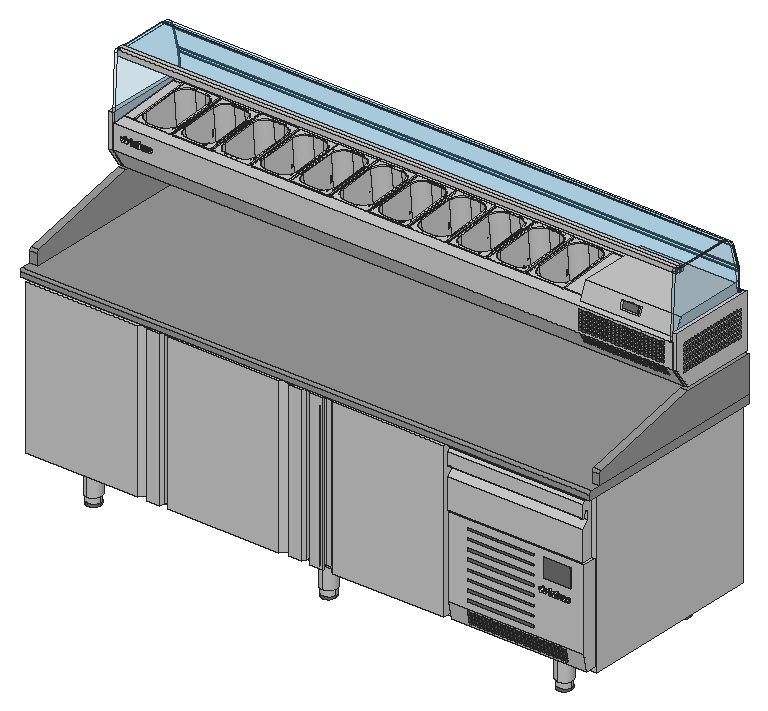
Revit family "QF_INFRICO_MP2300_VIP2300B14_G_250813011618", category Specialty Equipment, Revit 2021 (continued)
Definition of nested family "QF_INFRICO_VIP2300B14_G_7212"
  Forms (mm)
    Extrusion 5, solid, visible <- "Show Logo"
      sketch origin (-1114.206, -353, -563.417) x (1, 0, 0) y (0, 0, 1)
        loop
          arc (1219.417, 709.324) -> (1220.929, 708.961) -> (1221.598, 707.557) r 1.806
          line (1221.598, 707.557) -> (1221.598, 696.53) -> (1226.121, 696.53) -> (1226.121, 708.689)
          arc (1226.121, 708.689) -> (1224.637, 712.075) -> (1221.141, 713.281) r 4.607
          arc (1221.141, 713.281) -> (1218.282, 712.674) -> (1215.669, 711.361) r 11.435
          line (1215.669, 711.361) -> (1215.601, 712.184)
          arc (1215.601, 712.184) -> (1215.36, 712.765) -> (1214.779, 713.006) r 0.822
        loop
          line (1238.557, 720.102) -> (1237.306, 720.102)
          arc (1237.306, 720.102) -> (1235.052, 719.926) -> (1232.881, 719.297) r 11.103
          arc (1232.881, 719.297) -> (1230.805, 717.616) -> (1230.024, 715.062) r 4.567
          line (1230.024, 715.062) -> (1230.024, 712.909) -> (1227.351, 712.703) -> (1227.351, 709.374) -> (1230.024, 709.374) -> (1230.024, 696.53) -> (1234.547, 696.53) -> (1234.547, 709.374) -> (1238.249, 709.374) -> (1238.249, 712.938) -> (1234.547, 712.938) -> (1234.547, 714.548)
          arc (1234.547, 714.548) -> (1234.956, 715.705) -> (1236.045, 716.271) r 1.67
          line (1236.045, 716.271) -> (1237.7, 716.399)
          arc (1237.7, 716.399) -> (1238.306, 716.65) -> (1238.557, 717.255) r 0.857
          line (1238.557, 717.255) -> (1238.557, 720.102)
        loop
          line (1239.479, 713.006) -> (1239.479, 696.53) -> (1243.968, 696.53) -> (1243.968, 707.352)
          arc (1243.968, 707.352) -> (1245.873, 708.631) -> (1248.077, 709.268) r 7.435
          line (1248.077, 709.268) -> (1249.241, 709.416)
          arc (1249.241, 709.416) -> (1249.643, 709.758) -> (1249.793, 710.265) r 0.928
          line (1249.793, 710.265) -> (1249.793, 712.458)
          arc (1249.793, 712.458) -> (1249.531, 713.061) -> (1248.912, 713.28) r 0.824
          arc (1248.912, 713.28) -> (1246.197, 712.588) -> (1243.899, 710.984) r 7.833
          line (1243.899, 710.984) -> (1243.726, 713.006) -> (1239.479, 713.006)
        loop
          line (1255.495, 696.53) -> (1255.495, 713.006) -> (1251.006, 713.006) -> (1251.006, 696.53) -> (1255.495, 696.53)
        loop
          arc (1257.421, 701.327) -> (1258.567, 698.188) -> (1261.466, 696.525) r 4.873
          arc (1261.466, 696.525) -> (1264.493, 696.266) -> (1267.521, 696.525) r 17.816
          arc (1267.521, 696.525) -> (1270.575, 699.134) -> (1271.505, 703.041) r 6.481
          line (1271.505, 703.041) -> (1267.187, 703.041) -> (1267.187, 701.67)
          arc (1267.187, 701.67) -> (1266.64, 700.452) -> (1265.442, 699.865) r 1.965
          arc (1265.442, 699.865) -> (1264.547, 699.816) -> (1263.653, 699.865) r 8.196
          arc (1263.653, 699.865) -> (1262.417, 700.415) -> (1261.91, 701.67) r 1.806
          line (1261.91, 701.67) -> (1261.91, 707.9)
          arc (1261.91, 707.9) -> (1262.417, 709.155) -> (1263.653, 709.705) r 1.806
          arc (1263.653, 709.705) -> (1264.547, 709.754) -> (1265.442, 709.705) r 8.196
          arc (1265.442, 709.705) -> (1266.64, 709.118) -> (1267.187, 707.9) r 1.965
          line (1267.187, 707.9) -> (1267.187, 706.838) -> (1271.505, 706.838)
          arc (1271.505, 706.838) -> (1270.524, 710.556) -> (1267.521, 712.959) r 6.132
          arc (1267.521, 712.959) -> (1264.493, 713.294) -> (1261.466, 712.959) r 13.851
          arc (1261.466, 712.959) -> (1258.571, 711.349) -> (1257.421, 708.243) r 4.772
          line (1257.421, 708.243) -> (1257.421, 701.327)
        loop
          arc (1272.916, 701.329) -> (1273.993, 698.345) -> (1276.726, 696.734) r 4.676
          arc (1276.726, 696.734) -> (1278.515, 696.455) -> (1280.318, 696.291) r 28.371
          arc (1280.318, 696.291) -> (1282.122, 696.455) -> (1283.911, 696.734) r 28.371
          arc (1283.911, 696.734) -> (1286.644, 698.345) -> (1287.72, 701.329) r 4.676
          line (1287.72, 701.329) -> (1287.72, 708.242)
          arc (1287.72, 708.242) -> (1286.644, 711.226) -> (1283.911, 712.837) r 4.676
          arc (1283.911, 712.837) -> (1282.122, 713.116) -> (1280.318, 713.28) r 28.371
          arc (1280.318, 713.28) -> (1278.515, 713.116) -> (1276.726, 712.837) r 28.371
          arc (1276.726, 712.837) -> (1273.993, 711.226) -> (1272.916, 708.242) r 4.676
          line (1272.916, 708.242) -> (1272.916, 701.329)
        loop
          line (1277.405, 707.866) -> (1277.405, 701.705)
          arc (1277.405, 701.705) -> (1277.844, 700.556) -> (1278.936, 699.991) r 1.725
          arc (1278.936, 699.991) -> (1279.627, 699.918) -> (1280.318, 699.856) r 46.133
          arc (1280.318, 699.856) -> (1281.01, 699.918) -> (1281.701, 699.991) r 46.133
          arc (1281.701, 699.991) -> (1282.793, 700.556) -> (1283.231, 701.705) r 1.725
          line (1283.231, 701.705) -> (1283.231, 707.866)
          arc (1283.231, 707.866) -> (1282.793, 709.015) -> (1281.701, 709.58) r 1.725
          arc (1281.701, 709.58) -> (1281.01, 709.653) -> (1280.318, 709.716) r 46.133
          arc (1280.318, 709.716) -> (1279.627, 709.653) -> (1278.936, 709.58) r 46.133
          arc (1278.936, 709.58) -> (1277.844, 709.015) -> (1277.405, 707.866) r 1.725
        loop
          arc (1190.339, 696.543) -> (1191.411, 696.987) -> (1191.856, 698.059) r 1.516
          line (1191.856, 698.059) -> (1191.856, 703.891) -> (1196.035, 703.891)
          arc (1196.035, 703.891) -> (1196.79, 704.121) -> (1197.218, 704.782) r 1.147
          line (1197.218, 704.782) -> (1197.218, 706.211)
          arc (1197.218, 706.211) -> (1196.787, 707.258) -> (1195.719, 707.634) r 1.385
          line (1195.719, 707.634) -> (1194.52, 707.634) -> (1197.218, 710.332)
          arc (1197.218, 710.332) -> (1197.605, 711.266) -> (1197.218, 712.2) r 1.321
          line (1197.218, 712.2) -> (1196.495, 712.923)
          arc (1196.495, 712.923) -> (1195.54, 713.338) -> (1194.558, 712.991) r 1.422
          line (1194.558, 712.991) -> (1191.853, 710.286) -> (1191.853, 711.479)
          arc (1191.853, 711.479) -> (1191.443, 712.516) -> (1190.435, 712.992) r 1.516
          line (1190.435, 712.992) -> (1189.514, 712.992)
          arc (1189.514, 712.992) -> (1188.511, 712.514) -> (1188.103, 711.479) r 1.516
          line (1188.103, 711.479) -> (1188.103, 706.83) -> (1182.073, 701.336) -> (1182.073, 707.509) -> (1185.639, 711.075)
          arc (1185.639, 711.075) -> (1186.053, 712.073) -> (1185.639, 713.071) r 1.412
          line (1185.639, 713.071) -> (1184.987, 713.723)
          arc (1184.987, 713.723) -> (1183.939, 714.141) -> (1182.915, 713.667) r 1.428
          line (1182.915, 713.667) -> (1182.073, 712.825) -> (1182.073, 717.784)
          arc (1182.073, 717.784) -> (1181.658, 718.787) -> (1180.655, 719.203) r 1.418
          line (1180.655, 719.203) -> (1179.726, 719.203)
          arc (1179.726, 719.203) -> (1178.723, 718.787) -> (1178.308, 717.784) r 1.418
          line (1178.308, 717.784) -> (1178.308, 712.825) -> (1177.466, 713.667)
          arc (1177.466, 713.667) -> (1176.442, 714.141) -> (1175.394, 713.723) r 1.428
          line (1175.394, 713.723) -> (1174.742, 713.071)
          arc (1174.742, 713.071) -> (1174.328, 712.073) -> (1174.742, 711.075) r 1.412
          line (1174.742, 711.075) -> (1178.308, 707.509) -> (1178.308, 701.336) -> (1172.278, 706.83) -> (1172.278, 711.479)
          arc (1172.278, 711.479) -> (1171.87, 712.514) -> (1170.867, 712.992) r 1.516
          line (1170.867, 712.992) -> (1169.946, 712.992)
          arc (1169.946, 712.992) -> (1168.938, 712.516) -> (1168.528, 711.479) r 1.516
          line (1168.528, 711.479) -> (1168.528, 710.286) -> (1165.823, 712.991)
          arc (1165.823, 712.991) -> (1164.841, 713.338) -> (1163.886, 712.923) r 1.422
          line (1163.886, 712.923) -> (1163.163, 712.2)
          arc (1163.163, 712.2) -> (1162.776, 711.266) -> (1163.163, 710.332) r 1.321
          line (1163.163, 710.332) -> (1165.861, 707.634) -> (1164.662, 707.634)
          arc (1164.662, 707.634) -> (1163.594, 707.258) -> (1163.163, 706.211) r 1.385
          line (1163.163, 706.211) -> (1163.163, 704.782)
          arc (1163.163, 704.782) -> (1163.591, 704.121) -> (1164.346, 703.891) r 1.147
          line (1164.346, 703.891) -> (1168.525, 703.891) -> (1168.525, 698.059)
          arc (1168.525, 698.059) -> (1168.969, 696.987) -> (1170.042, 696.543) r 1.516
          line (1170.042, 696.543) -> (1190.339, 696.543)
      from 0 to 2
    Sweep 6, solid
      path origin (-4.167, 245.887, 345.752) x (1, 0, 0) y (0, 0.996195, 0.087156)
        loop
          arc (117.472, -326.858) -> (91.309, -337.695) -> (80.472, -363.858) r 37
          line (80.472, -363.858) -> (80.472, -504.858)
          arc (80.472, -504.858) -> (91.309, -531.021) -> (117.472, -541.858) r 37
          line (117.472, -541.858) -> (158.472, -541.858)
          arc (158.472, -541.858) -> (184.635, -531.021) -> (195.472, -504.858) r 37
          line (195.472, -504.858) -> (195.472, -363.858)
          arc (195.472, -363.858) -> (184.635, -337.695) -> (158.472, -326.858) r 37
          line (158.472, -326.858) -> (117.472, -326.858)
      profile origin (133.805, -79.727, 317.264) x (0, 0.996195, 0.087156) y (0, -0.087156, 0.996195)
        loop
          arc (1, -252.7) -> (8.779, -249.478) -> (12.001, -241.699) r 11.001
          line (12.001, -241.699) -> (12.001, -105.504) -> (10.001, -105.504) -> (10.001, -241.699)
          arc (10.001, -241.699) -> (7.365, -248.064) -> (1, -250.7) r 9.001
          line (1, -250.7) -> (1, -252.7)
    Extrusion 7, solid
      sketch origin (-4.167, 267.911, 94.014) x (1, 0, 0) y (0, 0.996195, 0.087156)
        loop
          arc (117.472, -325.858) -> (90.602, -336.988) -> (79.472, -363.858) r 38
          line (79.472, -363.858) -> (79.472, -504.858)
          arc (79.472, -504.858) -> (90.602, -531.728) -> (117.472, -542.858) r 38
          line (117.472, -542.858) -> (158.472, -542.858)
          arc (158.472, -542.858) -> (185.342, -531.728) -> (196.472, -504.858) r 38
          line (196.472, -504.858) -> (196.472, -363.858)
          arc (196.472, -363.858) -> (185.342, -336.988) -> (158.472, -325.858) r 38
          line (158.472, -325.858) -> (117.472, -325.858)
      from 0 to 2
    Extrusion 8, solid
      sketch origin (-1321.137, -3221.673, -63.528) x (1, 0, 0) y (0, 0.996195, 0.087156)
        loop
          arc (1382.943, 3181.245) -> (1380.444, 3180.21) -> (1379.409, 3177.711) r 3.534
          line (1379.409, 3177.711) -> (1379.409, 2933.71)
          arc (1379.409, 2933.71) -> (1380.444, 2931.212) -> (1382.942, 2930.177) r 3.532
          line (1382.942, 2930.177) -> (1526.942, 2930.177)
          arc (1526.942, 2930.177) -> (1529.44, 2931.213) -> (1530.475, 2933.711) r 3.534
          line (1530.475, 2933.711) -> (1530.475, 3177.711)
          arc (1530.475, 3177.711) -> (1529.44, 3180.21) -> (1526.941, 3181.245) r 3.535
          line (1526.941, 3181.245) -> (1382.943, 3181.245)
        loop
          arc (1434.442, 3173.179) -> (1401.207, 3159.413) -> (1387.441, 3126.178) r 47.001
          line (1387.441, 3126.178) -> (1387.441, 2985.178)
          arc (1387.441, 2985.178) -> (1401.207, 2951.944) -> (1434.442, 2938.177) r 47.001
          line (1434.442, 2938.177) -> (1475.442, 2938.177)
          arc (1475.442, 2938.177) -> (1508.676, 2951.944) -> (1522.442, 2985.178) r 47.001
          line (1522.442, 2985.178) -> (1522.442, 3126.178)
          arc (1522.442, 3126.178) -> (1508.676, 3159.413) -> (1475.442, 3173.179) r 47.001
          line (1475.442, 3173.179) -> (1434.442, 3173.179)
      from 0 to 2
    Sweep 9, solid
      path origin (154.899, 245.887, 345.752) x (1, 0, 0) y (0, 0.996195, 0.087156)
        loop
          arc (117.472, -326.858) -> (91.309, -337.695) -> (80.472, -363.858) r 37
          line (80.472, -363.858) -> (80.472, -504.858)
          arc (80.472, -504.858) -> (91.309, -531.021) -> (117.472, -541.858) r 37
          line (117.472, -541.858) -> (158.472, -541.858)
          arc (158.472, -541.858) -> (184.635, -531.021) -> (195.472, -504.858) r 37
          line (195.472, -504.858) -> (195.472, -363.858)
          arc (195.472, -363.858) -> (184.635, -337.695) -> (158.472, -326.858) r 37
          line (158.472, -326.858) -> (117.472, -326.858)
      profile origin (292.871, -79.727, 317.264) x (0, 0.996195, 0.087156) y (0, -0.087156, 0.996195)
        loop
          arc (1, -252.7) -> (8.779, -249.478) -> (12.001, -241.699) r 11.001
          line (12.001, -241.699) -> (12.001, -105.504) -> (10.001, -105.504) -> (10.001, -241.699)
          arc (10.001, -241.699) -> (7.365, -248.064) -> (1, -250.7) r 9.001
          line (1, -250.7) -> (1, -252.7)
    Extrusion 10, solid
      sketch origin (154.899, 267.911, 94.014) x (1, 0, 0) y (0, 0.996195, 0.087156)
        loop
          arc (117.472, -325.858) -> (90.602, -336.988) -> (79.472, -363.858) r 38
          line (79.472, -363.858) -> (79.472, -504.858)
          arc (79.472, -504.858) -> (90.602, -531.728) -> (117.472, -542.858) r 38
          line (117.472, -542.858) -> (158.472, -542.858)
          arc (158.472, -542.858) -> (185.342, -531.728) -> (196.472, -504.858) r 38
          line (196.472, -504.858) -> (196.472, -363.858)
          arc (196.472, -363.858) -> (185.342, -336.988) -> (158.472, -325.858) r 38
          line (158.472, -325.858) -> (117.472, -325.858)
      from 0 to 2
    Extrusion 11, solid
      sketch origin (-1162.071, -3221.673, -63.528) x (1, 0, 0) y (0, 0.996195, 0.087156)
        loop
          arc (1382.943, 3181.245) -> (1380.444, 3180.21) -> (1379.409, 3177.711) r 3.534
          line (1379.409, 3177.711) -> (1379.409, 2933.71)
          arc (1379.409, 2933.71) -> (1380.444, 2931.212) -> (1382.942, 2930.177) r 3.532
          line (1382.942, 2930.177) -> (1526.942, 2930.177)
          arc (1526.942, 2930.177) -> (1529.44, 2931.213) -> (1530.475, 2933.711) r 3.534
          line (1530.475, 2933.711) -> (1530.475, 3177.711)
          arc (1530.475, 3177.711) -> (1529.44, 3180.21) -> (1526.941, 3181.245) r 3.535
          line (1526.941, 3181.245) -> (1382.943, 3181.245)
        loop
          arc (1434.442, 3173.179) -> (1401.207, 3159.413) -> (1387.441, 3126.178) r 47.001
          line (1387.441, 3126.178) -> (1387.441, 2985.178)
          arc (1387.441, 2985.178) -> (1401.207, 2951.944) -> (1434.442, 2938.177) r 47.001
          line (1434.442, 2938.177) -> (1475.442, 2938.177)
          arc (1475.442, 2938.177) -> (1508.676, 2951.944) -> (1522.442, 2985.178) r 47.001
          line (1522.442, 2985.178) -> (1522.442, 3126.178)
          arc (1522.442, 3126.178) -> (1508.676, 3159.413) -> (1475.442, 3173.179) r 47.001
          line (1475.442, 3173.179) -> (1434.442, 3173.179)
      from 0 to 2
    Sweep 12, solid
      path origin (313.965, 245.887, 345.752) x (1, 0, 0) y (0, 0.996195, 0.087156)
        loop
          arc (117.472, -326.858) -> (91.309, -337.695) -> (80.472, -363.858) r 37
          line (80.472, -363.858) -> (80.472, -504.858)
          arc (80.472, -504.858) -> (91.309, -531.021) -> (117.472, -541.858) r 37
          line (117.472, -541.858) -> (158.472, -541.858)
          arc (158.472, -541.858) -> (184.635, -531.021) -> (195.472, -504.858) r 37
          line (195.472, -504.858) -> (195.472, -363.858)
          arc (195.472, -363.858) -> (184.635, -337.695) -> (158.472, -326.858) r 37
          line (158.472, -326.858) -> (117.472, -326.858)
      profile origin (451.937, -79.727, 317.264) x (0, 0.996195, 0.087156) y (0, -0.087156, 0.996195)
        loop
          arc (1, -252.7) -> (8.779, -249.478) -> (12.001, -241.699) r 11.001
          line (12.001, -241.699) -> (12.001, -105.504) -> (10.001, -105.504) -> (10.001, -241.699)
          arc (10.001, -241.699) -> (7.365, -248.064) -> (1, -250.7) r 9.001
          line (1, -250.7) -> (1, -252.7)
    Extrusion 13, solid
      sketch origin (313.965, 267.911, 94.014) x (1, 0, 0) y (0, 0.996195, 0.087156)
        loop
          arc (117.472, -325.858) -> (90.602, -336.988) -> (79.472, -363.858) r 38
          line (79.472, -363.858) -> (79.472, -504.858)
          arc (79.472, -504.858) -> (90.602, -531.728) -> (117.472, -542.858) r 38
          line (117.472, -542.858) -> (158.472, -542.858)
          arc (158.472, -542.858) -> (185.342, -531.728) -> (196.472, -504.858) r 38
          line (196.472, -504.858) -> (196.472, -363.858)
          arc (196.472, -363.858) -> (185.342, -336.988) -> (158.472, -325.858) r 38
          line (158.472, -325.858) -> (117.472, -325.858)
      from 0 to 2
    Extrusion 14, solid
      sketch origin (-1003.004, -3221.673, -63.528) x (1, 0, 0) y (0, 0.996195, 0.087156)
        loop
          arc (1382.943, 3181.245) -> (1380.444, 3180.21) -> (1379.409, 3177.711) r 3.534
          line (1379.409, 3177.711) -> (1379.409, 2933.71)
          arc (1379.409, 2933.71) -> (1380.444, 2931.212) -> (1382.942, 2930.177) r 3.532
          line (1382.942, 2930.177) -> (1526.942, 2930.177)
          arc (1526.942, 2930.177) -> (1529.44, 2931.213) -> (1530.475, 2933.711) r 3.534
          line (1530.475, 2933.711) -> (1530.475, 3177.711)
          arc (1530.475, 3177.711) -> (1529.44, 3180.21) -> (1526.941, 3181.245) r 3.535
          line (1526.941, 3181.245) -> (1382.943, 3181.245)
        loop
          arc (1434.442, 3173.179) -> (1401.207, 3159.413) -> (1387.441, 3126.178) r 47.001
          line (1387.441, 3126.178) -> (1387.441, 2985.178)
          arc (1387.441, 2985.178) -> (1401.207, 2951.944) -> (1434.442, 2938.177) r 47.001
          line (1434.442, 2938.177) -> (1475.442, 2938.177)
          arc (1475.442, 2938.177) -> (1508.676, 2951.944) -> (1522.442, 2985.178) r 47.001
          line (1522.442, 2985.178) -> (1522.442, 3126.178)
          arc (1522.442, 3126.178) -> (1508.676, 3159.413) -> (1475.442, 3173.179) r 47.001
          line (1475.442, 3173.179) -> (1434.442, 3173.179)
      from 0 to 2
    Sweep 15, solid
      path origin (473.032, 245.887, 345.752) x (1, 0, 0) y (0, 0.996195, 0.087156)
        loop
          arc (117.472, -326.858) -> (91.309, -337.695) -> (80.472, -363.858) r 37
          line (80.472, -363.858) -> (80.472, -504.858)
          arc (80.472, -504.858) -> (91.309, -531.021) -> (117.472, -541.858) r 37
          line (117.472, -541.858) -> (158.472, -541.858)
          arc (158.472, -541.858) -> (184.635, -531.021) -> (195.472, -504.858) r 37
          line (195.472, -504.858) -> (195.472, -363.858)
          arc (195.472, -363.858) -> (184.635, -337.695) -> (158.472, -326.858) r 37
          line (158.472, -326.858) -> (117.472, -326.858)
      profile origin (611.003, -79.727, 317.264) x (0, 0.996195, 0.087156) y (0, -0.087156, 0.996195)
        loop
          arc (1, -252.7) -> (8.779, -249.478) -> (12.001, -241.699) r 11.001
          line (12.001, -241.699) -> (12.001, -105.504) -> (10.001, -105.504) -> (10.001, -241.699)
          arc (10.001, -241.699) -> (7.365, -248.064) -> (1, -250.7) r 9.001
          line (1, -250.7) -> (1, -252.7)
    Extrusion 16, solid
      sketch origin (473.032, 267.911, 94.014) x (1, 0, 0) y (0, 0.996195, 0.087156)
        loop
          arc (117.472, -325.858) -> (90.602, -336.988) -> (79.472, -363.858) r 38
          line (79.472, -363.858) -> (79.472, -504.858)
          arc (79.472, -504.858) -> (90.602, -531.728) -> (117.472, -542.858) r 38
          line (117.472, -542.858) -> (158.472, -542.858)
          arc (158.472, -542.858) -> (185.342, -531.728) -> (196.472, -504.858) r 38
          line (196.472, -504.858) -> (196.472, -363.858)
          arc (196.472, -363.858) -> (185.342, -336.988) -> (158.472, -325.858) r 38
          line (158.472, -325.858) -> (117.472, -325.858)
      from 0 to 2
    Extrusion 17, solid
      sketch origin (-843.938, -3221.673, -63.528) x (1, 0, 0) y (0, 0.996195, 0.087156)
        loop
          arc (1382.943, 3181.245) -> (1380.444, 3180.21) -> (1379.409, 3177.711) r 3.534
          line (1379.409, 3177.711) -> (1379.409, 2933.71)
          arc (1379.409, 2933.71) -> (1380.444, 2931.212) -> (1382.942, 2930.177) r 3.532
          line (1382.942, 2930.177) -> (1526.942, 2930.177)
          arc (1526.942, 2930.177) -> (1529.44, 2931.213) -> (1530.475, 2933.711) r 3.534
          line (1530.475, 2933.711) -> (1530.475, 3177.711)
          arc (1530.475, 3177.711) -> (1529.44, 3180.21) -> (1526.941, 3181.245) r 3.535
          line (1526.941, 3181.245) -> (1382.943, 3181.245)
        loop
          arc (1434.442, 3173.179) -> (1401.207, 3159.413) -> (1387.441, 3126.178) r 47.001
          line (1387.441, 3126.178) -> (1387.441, 2985.178)
          arc (1387.441, 2985.178) -> (1401.207, 2951.944) -> (1434.442, 2938.177) r 47.001
          line (1434.442, 2938.177) -> (1475.442, 2938.177)
          arc (1475.442, 2938.177) -> (1508.676, 2951.944) -> (1522.442, 2985.178) r 47.001
          line (1522.442, 2985.178) -> (1522.442, 3126.178)
          arc (1522.442, 3126.178) -> (1508.676, 3159.413) -> (1475.442, 3173.179) r 47.001
          line (1475.442, 3173.179) -> (1434.442, 3173.179)
      from 0 to 2
    Sweep 18, solid
      path origin (632.098, 245.887, 345.752) x (1, 0, 0) y (0, 0.996195, 0.087156)
        loop
          arc (117.472, -326.858) -> (91.309, -337.695) -> (80.472, -363.858) r 37
          line (80.472, -363.858) -> (80.472, -504.858)
          arc (80.472, -504.858) -> (91.309, -531.021) -> (117.472, -541.858) r 37
          line (117.472, -541.858) -> (158.472, -541.858)
          arc (158.472, -541.858) -> (184.635, -531.021) -> (195.472, -504.858) r 37
          line (195.472, -504.858) -> (195.472, -363.858)
          arc (195.472, -363.858) -> (184.635, -337.695) -> (158.472, -326.858) r 37
          line (158.472, -326.858) -> (117.472, -326.858)
      profile origin (770.07, -79.727, 317.264) x (0, 0.996195, 0.087156) y (0, -0.087156, 0.996195)
        loop
          arc (1, -252.7) -> (8.779, -249.478) -> (12.001, -241.699) r 11.001
          line (12.001, -241.699) -> (12.001, -105.504) -> (10.001, -105.504) -> (10.001, -241.699)
          arc (10.001, -241.699) -> (7.365, -248.064) -> (1, -250.7) r 9.001
          line (1, -250.7) -> (1, -252.7)
    Extrusion 19, solid
      sketch origin (632.098, 267.911, 94.014) x (1, 0, 0) y (0, 0.996195, 0.087156)
        loop
          arc (117.472, -325.858) -> (90.602, -336.988) -> (79.472, -363.858) r 38
          line (79.472, -363.858) -> (79.472, -504.858)
          arc (79.472, -504.858) -> (90.602, -531.728) -> (117.472, -542.858) r 38
          line (117.472, -542.858) -> (158.472, -542.858)
          arc (158.472, -542.858) -> (185.342, -531.728) -> (196.472, -504.858) r 38
          line (196.472, -504.858) -> (196.472, -363.858)
          arc (196.472, -363.858) -> (185.342, -336.988) -> (158.472, -325.858) r 38
          line (158.472, -325.858) -> (117.472, -325.858)
      from 0 to 2
    Extrusion 20, solid
      sketch origin (-684.872, -3221.673, -63.528) x (1, 0, 0) y (0, 0.996195, 0.087156)
        loop
          arc (1382.943, 3181.245) -> (1380.444, 3180.21) -> (1379.409, 3177.711) r 3.534
          line (1379.409, 3177.711) -> (1379.409, 2933.71)
          arc (1379.409, 2933.71) -> (1380.444, 2931.212) -> (1382.942, 2930.177) r 3.532
          line (1382.942, 2930.177) -> (1526.942, 2930.177)
          arc (1526.942, 2930.177) -> (1529.44, 2931.213) -> (1530.475, 2933.711) r 3.534
          line (1530.475, 2933.711) -> (1530.475, 3177.711)
          arc (1530.475, 3177.711) -> (1529.44, 3180.21) -> (1526.941, 3181.245) r 3.535
          line (1526.941, 3181.245) -> (1382.943, 3181.245)
        loop
          arc (1434.442, 3173.179) -> (1401.207, 3159.413) -> (1387.441, 3126.178) r 47.001
          line (1387.441, 3126.178) -> (1387.441, 2985.178)
          arc (1387.441, 2985.178) -> (1401.207, 2951.944) -> (1434.442, 2938.177) r 47.001
          line (1434.442, 2938.177) -> (1475.442, 2938.177)
          arc (1475.442, 2938.177) -> (1508.676, 2951.944) -> (1522.442, 2985.178) r 47.001
          line (1522.442, 2985.178) -> (1522.442, 3126.178)
          arc (1522.442, 3126.178) -> (1508.676, 3159.413) -> (1475.442, 3173.179) r 47.001
          line (1475.442, 3173.179) -> (1434.442, 3173.179)
      from 0 to 2
    Extrusion 21, solid
      sketch origin (1816.99, 0, -830.73) x (0, 1, 0) y (0, 0, 1)
        loop
          line (-54.211, 1044.32) -> (-299.657, 1022.846) -> (-299.57, 1021.85) -> (-54.124, 1043.323) -> (-54.211, 1044.32)
      from -16.989 to 73.01
    Extrusion 22, solid
      sketch origin (190.328, 3.021, -832.003) x (0, 1, 0) y (0, 0, 1)
        loop
          line (-57.232, 1045.593) -> (-302.679, 1024.119) -> (-302.591, 1023.123) -> (-57.145, 1044.596) -> (-57.232, 1045.593)
      from 19.01 to 27.01
    Extrusion 23, solid
      sketch origin (349.395, 3.021, -832.003) x (0, 1, 0) y (0, 0, 1)
        loop
          line (-57.232, 1045.593) -> (-302.679, 1024.119) -> (-302.591, 1023.123) -> (-57.145, 1044.596) -> (-57.232, 1045.593)
      from 19.01 to 27.01
    Extrusion 24, solid
      sketch origin (-2.496, -1945.392, -823.821) x (0, 1, 0) y (0, 0, 1)
        loop
          arc (1613.392, 1271.841) -> (1606.571, 1269.364) -> (1603.392, 1262.841) r 9.673
          line (1603.392, 1262.841) -> (1592.392, 1011.27) -> (1924.389, 1040.316) -> (1924.389, 1085.841)
          arc (1924.389, 1085.841) -> (1923.638, 1106.895) -> (1921.389, 1127.841) r 295.5
          line (1921.389, 1127.841) -> (1895.389, 1224.841)
          arc (1895.389, 1224.841) -> (1875.889, 1253.008) -> (1843.389, 1263.841) r 54.167
          line (1843.389, 1263.841) -> (1620.392, 1263.841) -> (1620.392, 1271.841) -> (1613.392, 1271.841)
      from 18.496 to 28.494
    Extrusion 25, solid
      sketch origin (-2.996, -1940.345, -823.821) x (0, 1, 0) y (0, 0, 1)
        loop
          line (1925.345, 1048.841) -> (1925.345, 1122.841)
          arc (1925.345, 1122.841) -> (1924.405, 1131.935) -> (1922.345, 1140.841) r 73.698
          line (1922.345, 1140.841) -> (1897.345, 1224.841)
          arc (1897.345, 1224.841) -> (1875.144, 1256.63) -> (1838.343, 1268.841) r 61.56
          line (1838.343, 1268.841) -> (1625.345, 1268.841) -> (1625.345, 1263.841) -> (1838.343, 1263.841)
          arc (1838.343, 1263.841) -> (1872.155, 1252.622) -> (1892.553, 1223.415) r 56.56
          line (1892.553, 1223.415) -> (1917.553, 1139.415)
          arc (1917.553, 1139.415) -> (1919.464, 1131.162) -> (1920.345, 1122.737) r 68.698
          line (1920.345, 1122.737) -> (1920.345, 1048.841) -> (1925.345, 1048.841)
      from 18.996 to 2286.996
    Extrusion 26, solid
      sketch origin (-2.5, -945.412, -830.93) x (0, 1, 0) y (0, 0, 1)
        loop
          line (945.412, 840.93) -> (945.412, 1055.95) -> (592.412, 1055.95) -> (592.412, 920.95) -> (645.412, 840.93) -> (945.412, 840.93)
      from 2.5 to 18.5
    Extrusion 27, solid
      sketch origin (0, 1000, 0) x (0, 1, 0) y (0, 0, 1)
        loop
          line (-1000, 225.02) -> (-1015, 225.02) -> (-1015, 10) -> (-1000, 10) -> (-1000, 225.02)
      from 16 to 2284
    Extrusion 28, solid
      sketch origin (2281.5, -945.412, -830.93) x (0, 1, 0) y (0, 0, 1)
        loop
          line (945.412, 840.93) -> (945.412, 1055.95) -> (592.412, 1055.95) -> (592.412, 920.95) -> (645.412, 840.93) -> (945.412, 840.93)
      from 2.5 to 18.5
    Extrusion 29, solid
      sketch origin (-3.01, -1945.553, -830.93) x (0, 1, 0) y (0, 0, 1)
        loop
          line (1592.553, 1018.379) -> (1592.553, 920.95) -> (1645.553, 840.93) -> (1930.553, 840.93) -> (1930.553, 1047.95) -> (1891.342, 1044.52) -> (1904.415, 895.09)
          arc (1904.415, 895.09) -> (1902.56, 888.315) -> (1896.739, 884.381) r 10.117
          line (1896.739, 884.381) -> (1668.388, 864.403)
          arc (1668.388, 864.403) -> (1661.973, 867.266) -> (1658.969, 873.617) r 10.117
          line (1658.969, 873.617) -> (1645.896, 1023.046) -> (1592.553, 1018.379)
      from 19.01 to 1893.01
    Extrusion 30, solid
      sketch origin (1956.99, -1945.553, -830.93) x (0, 1, 0) y (0, 0, 1)
        loop
          line (1592.553, 1018.379) -> (1592.553, 920.95) -> (1645.553, 840.93) -> (1930.553, 840.93) -> (1930.553, 1047.95) -> (1592.553, 1018.379)
      from -66.99 to 327.01
    Extrusion 31, solid
      sketch origin (563.518, -1952.74, -830.73) x (0, 1, 0) y (0, 0, 1)
        loop
          line (1927.74, 1087.95) -> (1647.74, 1087.95) -> (1625.274, 1020.413) -> (1931.164, 1047.175) -> (1927.74, 1087.95)
      from 1326.484 to 1710.484
    Extrusion 32, solid
      sketch origin (2302.496, -1945.392, -823.821) x (0, 1, 0) y (0, 0, -1)
        loop
          line (1613.392, -1271.841) -> (1620.392, -1271.841) -> (1620.392, -1263.841) -> (1843.389, -1263.841)
          arc (1843.389, -1263.841) -> (1875.889, -1253.008) -> (1895.389, -1224.841) r 54.167
          line (1895.389, -1224.841) -> (1921.389, -1127.841)
          arc (1921.389, -1127.841) -> (1923.638, -1106.895) -> (1924.389, -1085.841) r 295.5
          line (1924.389, -1085.841) -> (1924.389, -1040.316) -> (1592.392, -1011.27) -> (1603.392, -1262.841)
          arc (1603.392, -1262.841) -> (1606.571, -1269.364) -> (1613.392, -1271.841) r 9.673
      from 18.496 to 28.494
    Extrusion 33, solid
      sketch origin (796.002, -391.726, -3.488) x (1, 0, 0) y (0, 0.315649, 0.948876)
        loop
          arc (1327, 258) -> (1289, 260) -> (1251, 258) r 362
          arc (1251, 258) -> (1250, 243.5) -> (1251, 229) r 105.625
          arc (1251, 229) -> (1289, 227) -> (1327, 229) r 362
          arc (1327, 229) -> (1328, 243.5) -> (1327, 258) r 105.625
      from 0 to 5.5
    Extrusion 34, solid
      sketch origin (795.828, -395.142, -2.351) x (1, 0, 0) y (0, 0.315649, 0.948876)
        loop
          line (1259, 258.755) -> (1259, 233.755) -> (1319, 233.755) -> (1319, 258.755)
          arc (1319, 258.755) -> (1289, 260) -> (1259, 258.755) r 362
      from 0 to 2
    Extrusion 35, solid
      sketch origin (-3.01, 0, -830.73) x (0, 1, 0) y (0, 0, 1)
        loop
          line (-54.211, 1044.32) -> (-299.657, 1022.846) -> (-299.57, 1021.85) -> (-54.124, 1043.323) -> (-54.211, 1044.32)
      from 19.01 to 66.01
    Extrusion 36, solid
      sketch origin (508.461, 3.021, -832.003) x (0, 1, 0) y (0, 0, 1)
        loop
          line (-57.232, 1045.593) -> (-302.679, 1024.119) -> (-302.591, 1023.123) -> (-57.145, 1044.596) -> (-57.232, 1045.593)
      from 19.01 to 27.01
    Extrusion 37, solid
      sketch origin (667.527, 3.021, -832.003) x (0, 1, 0) y (0, 0, 1)
        loop
          line (-57.232, 1045.593) -> (-302.679, 1024.119) -> (-302.591, 1023.123) -> (-57.145, 1044.596) -> (-57.232, 1045.593)
      from 19.01 to 27.01
    Revolve 38, solid
      sketch origin (38, -40, 0) x (0, 1, 0) y (0, 0, 1)
        loop
          line (0, 10) -> (-13, 10)
          arc (-13, 10) -> (-13.736, 9.118) -> (-14, 8) r 2.5
          line (-14, 8) -> (-14, 3) -> (-12, 3) -> (-12, 0) -> (0, 0) -> (0, 10)
        axis (0, 0) -> (0, 10)
      angle from 0 to 360
    Revolve 39, solid
      sketch origin (38, -266, 0) x (0, 1, 0) y (0, 0, 1)
        loop
          line (0, 10) -> (-13, 10)
          arc (-13, 10) -> (-13.736, 9.118) -> (-14, 8) r 2.5
          line (-14, 8) -> (-14, 3) -> (-12, 3) -> (-12, 0) -> (0, 0) -> (0, 10)
        axis (0, 0) -> (0, 10)
      angle from 0 to 360
    Revolve 40, solid
      sketch origin (2262, -40, 0) x (0, 1, 0) y (0, 0, -1)
        loop
          line (0, -10) -> (0, 0) -> (-12, 0) -> (-12, -3) -> (-14, -3) -> (-14, -8)
          arc (-14, -8) -> (-13.736, -9.118) -> (-13, -10) r 2.5
          line (-13, -10) -> (0, -10)
        axis (0, 0) -> (0, -10)
      angle from 0 to 360
    Revolve 41, solid
      sketch origin (2262, -266, 0) x (0, 1, 0) y (0, 0, -1)
        loop
          line (0, -10) -> (0, 0) -> (-12, 0) -> (-12, -3) -> (-14, -3) -> (-14, -8)
          arc (-14, -8) -> (-13.736, -9.118) -> (-13, -10) r 2.5
          line (-13, -10) -> (0, -10)
        axis (0, 0) -> (0, -10)
      angle from 0 to 360
    Extrusion 42, solid
      sketch origin (-525.806, -3221.673, -63.528) x (1, 0, 0) y (0, 0.996195, 0.087156)
        loop
          arc (1382.943, 3181.245) -> (1380.444, 3180.21) -> (1379.409, 3177.711) r 3.534
          line (1379.409, 3177.711) -> (1379.409, 2933.71)
          arc (1379.409, 2933.71) -> (1380.444, 2931.212) -> (1382.942, 2930.177) r 3.532
          line (1382.942, 2930.177) -> (1526.942, 2930.177)
          arc (1526.942, 2930.177) -> (1529.44, 2931.213) -> (1530.475, 2933.711) r 3.534
          line (1530.475, 2933.711) -> (1530.475, 3177.711)
          arc (1530.475, 3177.711) -> (1529.44, 3180.21) -> (1526.941, 3181.245) r 3.535
          line (1526.941, 3181.245) -> (1382.943, 3181.245)
        loop
          arc (1434.442, 3173.179) -> (1401.207, 3159.413) -> (1387.441, 3126.178) r 47.001
          line (1387.441, 3126.178) -> (1387.441, 2985.178)
          arc (1387.441, 2985.178) -> (1401.207, 2951.944) -> (1434.442, 2938.177) r 47.001
          line (1434.442, 2938.177) -> (1475.442, 2938.177)
          arc (1475.442, 2938.177) -> (1508.676, 2951.944) -> (1522.442, 2985.178) r 47.001
          line (1522.442, 2985.178) -> (1522.442, 3126.178)
          arc (1522.442, 3126.178) -> (1508.676, 3159.413) -> (1475.442, 3173.179) r 47.001
          line (1475.442, 3173.179) -> (1434.442, 3173.179)
      from 0 to 2
    Extrusion 43, solid
      sketch origin (826.594, 3.021, -832.003) x (0, 1, 0) y (0, 0, 1)
        loop
          line (-57.232, 1045.593) -> (-302.679, 1024.119) -> (-302.591, 1023.123) -> (-57.145, 1044.596) -> (-57.232, 1045.593)
      from 19.01 to 27.01
    Sweep 44, solid
      path origin (791.164, 245.887, 345.752) x (1, 0, 0) y (0, 0.996195, 0.087156)
        loop
          arc (117.472, -326.858) -> (91.309, -337.695) -> (80.472, -363.858) r 37
          line (80.472, -363.858) -> (80.472, -504.858)
          arc (80.472, -504.858) -> (91.309, -531.021) -> (117.472, -541.858) r 37
          line (117.472, -541.858) -> (158.472, -541.858)
          arc (158.472, -541.858) -> (184.635, -531.021) -> (195.472, -504.858) r 37
          line (195.472, -504.858) -> (195.472, -363.858)
          arc (195.472, -363.858) -> (184.635, -337.695) -> (158.472, -326.858) r 37
          line (158.472, -326.858) -> (117.472, -326.858)
      profile origin (929.136, -79.727, 317.264) x (0, 0.996195, 0.087156) y (0, -0.087156, 0.996195)
        loop
          arc (1, -252.7) -> (8.779, -249.478) -> (12.001, -241.699) r 11.001
          line (12.001, -241.699) -> (12.001, -105.504) -> (10.001, -105.504) -> (10.001, -241.699)
          arc (10.001, -241.699) -> (7.365, -248.064) -> (1, -250.7) r 9.001
          line (1, -250.7) -> (1, -252.7)
    Extrusion 45, solid
      sketch origin (791.164, 267.911, 94.014) x (1, 0, 0) y (0, 0.996195, 0.087156)
        loop
          arc (117.472, -325.858) -> (90.602, -336.988) -> (79.472, -363.858) r 38
          line (79.472, -363.858) -> (79.472, -504.858)
          arc (79.472, -504.858) -> (90.602, -531.728) -> (117.472, -542.858) r 38
          line (117.472, -542.858) -> (158.472, -542.858)
          arc (158.472, -542.858) -> (185.342, -531.728) -> (196.472, -504.858) r 38
          line (196.472, -504.858) -> (196.472, -363.858)
          arc (196.472, -363.858) -> (185.342, -336.988) -> (158.472, -325.858) r 38
          line (158.472, -325.858) -> (117.472, -325.858)
      from 0 to 2
    Extrusion 46, solid
      sketch origin (-366.739, -3221.673, -63.528) x (1, 0, 0) y (0, 0.996195, 0.087156)
        loop
          arc (1382.943, 3181.245) -> (1380.444, 3180.21) -> (1379.409, 3177.711) r 3.534
          line (1379.409, 3177.711) -> (1379.409, 2933.71)
          arc (1379.409, 2933.71) -> (1380.444, 2931.212) -> (1382.942, 2930.177) r 3.532
          line (1382.942, 2930.177) -> (1526.942, 2930.177)
          arc (1526.942, 2930.177) -> (1529.44, 2931.213) -> (1530.475, 2933.711) r 3.534
          line (1530.475, 2933.711) -> (1530.475, 3177.711)
          arc (1530.475, 3177.711) -> (1529.44, 3180.21) -> (1526.941, 3181.245) r 3.535
          line (1526.941, 3181.245) -> (1382.943, 3181.245)
        loop
          arc (1434.442, 3173.179) -> (1401.207, 3159.413) -> (1387.441, 3126.178) r 47.001
          line (1387.441, 3126.178) -> (1387.441, 2985.178)
          arc (1387.441, 2985.178) -> (1401.207, 2951.944) -> (1434.442, 2938.177) r 47.001
          line (1434.442, 2938.177) -> (1475.442, 2938.177)
          arc (1475.442, 2938.177) -> (1508.676, 2951.944) -> (1522.442, 2985.178) r 47.001
          line (1522.442, 2985.178) -> (1522.442, 3126.178)
          arc (1522.442, 3126.178) -> (1508.676, 3159.413) -> (1475.442, 3173.179) r 47.001
          line (1475.442, 3173.179) -> (1434.442, 3173.179)
      from 0 to 2
    Extrusion 47, solid
      sketch origin (985.66, 3.021, -832.003) x (0, 1, 0) y (0, 0, 1)
        loop
          line (-57.232, 1045.593) -> (-302.679, 1024.119) -> (-302.591, 1023.123) -> (-57.145, 1044.596) -> (-57.232, 1045.593)
      from 19.01 to 27.01
    Sweep 48, solid
      path origin (950.231, 245.887, 345.752) x (1, 0, 0) y (0, 0.996195, 0.087156)
        loop
          arc (117.472, -326.858) -> (91.309, -337.695) -> (80.472, -363.858) r 37
          line (80.472, -363.858) -> (80.472, -504.858)
          arc (80.472, -504.858) -> (91.309, -531.021) -> (117.472, -541.858) r 37
          line (117.472, -541.858) -> (158.472, -541.858)
          arc (158.472, -541.858) -> (184.635, -531.021) -> (195.472, -504.858) r 37
          line (195.472, -504.858) -> (195.472, -363.858)
          arc (195.472, -363.858) -> (184.635, -337.695) -> (158.472, -326.858) r 37
          line (158.472, -326.858) -> (117.472, -326.858)
      profile origin (1088.202, -79.727, 317.264) x (0, 0.996195, 0.087156) y (0, -0.087156, 0.996195)
        loop
          arc (1, -252.7) -> (8.779, -249.478) -> (12.001, -241.699) r 11.001
          line (12.001, -241.699) -> (12.001, -105.504) -> (10.001, -105.504) -> (10.001, -241.699)
          arc (10.001, -241.699) -> (7.365, -248.064) -> (1, -250.7) r 9.001
          line (1, -250.7) -> (1, -252.7)
    Extrusion 49, solid
      sketch origin (950.231, 267.911, 94.014) x (1, 0, 0) y (0, 0.996195, 0.087156)
        loop
          arc (117.472, -325.858) -> (90.602, -336.988) -> (79.472, -363.858) r 38
          line (79.472, -363.858) -> (79.472, -504.858)
          arc (79.472, -504.858) -> (90.602, -531.728) -> (117.472, -542.858) r 38
          line (117.472, -542.858) -> (158.472, -542.858)
          arc (158.472, -542.858) -> (185.342, -531.728) -> (196.472, -504.858) r 38
          line (196.472, -504.858) -> (196.472, -363.858)
          arc (196.472, -363.858) -> (185.342, -336.988) -> (158.472, -325.858) r 38
          line (158.472, -325.858) -> (117.472, -325.858)
      from 0 to 2
    Extrusion 50, solid
      sketch origin (-207.673, -3221.673, -63.528) x (1, 0, 0) y (0, 0.996195, 0.087156)
        loop
          arc (1382.943, 3181.245) -> (1380.444, 3180.21) -> (1379.409, 3177.711) r 3.534
          line (1379.409, 3177.711) -> (1379.409, 2933.71)
          arc (1379.409, 2933.71) -> (1380.444, 2931.212) -> (1382.942, 2930.177) r 3.532
          line (1382.942, 2930.177) -> (1526.942, 2930.177)
          arc (1526.942, 2930.177) -> (1529.44, 2931.213) -> (1530.475, 2933.711) r 3.534
          line (1530.475, 2933.711) -> (1530.475, 3177.711)
          arc (1530.475, 3177.711) -> (1529.44, 3180.21) -> (1526.941, 3181.245) r 3.535
          line (1526.941, 3181.245) -> (1382.943, 3181.245)
        loop
          arc (1434.442, 3173.179) -> (1401.207, 3159.413) -> (1387.441, 3126.178) r 47.001
          line (1387.441, 3126.178) -> (1387.441, 2985.178)
          arc (1387.441, 2985.178) -> (1401.207, 2951.944) -> (1434.442, 2938.177) r 47.001
          line (1434.442, 2938.177) -> (1475.442, 2938.177)
          arc (1475.442, 2938.177) -> (1508.676, 2951.944) -> (1522.442, 2985.178) r 47.001
          line (1522.442, 2985.178) -> (1522.442, 3126.178)
          arc (1522.442, 3126.178) -> (1508.676, 3159.413) -> (1475.442, 3173.179) r 47.001
          line (1475.442, 3173.179) -> (1434.442, 3173.179)
      from 0 to 2
    Extrusion 51, solid
      sketch origin (1144.726, 3.021, -832.003) x (0, 1, 0) y (0, 0, 1)
        loop
          line (-57.232, 1045.593) -> (-302.679, 1024.119) -> (-302.591, 1023.123) -> (-57.145, 1044.596) -> (-57.232, 1045.593)
      from 19.01 to 27.01
    Sweep 52, solid
      path origin (1109.297, 245.887, 345.752) x (1, 0, 0) y (0, 0.996195, 0.087156)
        loop
          arc (117.472, -326.858) -> (91.309, -337.695) -> (80.472, -363.858) r 37
          line (80.472, -363.858) -> (80.472, -504.858)
          arc (80.472, -504.858) -> (91.309, -531.021) -> (117.472, -541.858) r 37
          line (117.472, -541.858) -> (158.472, -541.858)
          arc (158.472, -541.858) -> (184.635, -531.021) -> (195.472, -504.858) r 37
          line (195.472, -504.858) -> (195.472, -363.858)
          arc (195.472, -363.858) -> (184.635, -337.695) -> (158.472, -326.858) r 37
          line (158.472, -326.858) -> (117.472, -326.858)
      profile origin (1247.269, -79.727, 317.264) x (0, 0.996195, 0.087156) y (0, -0.087156, 0.996195)
        loop
          arc (1, -252.7) -> (8.779, -249.478) -> (12.001, -241.699) r 11.001
          line (12.001, -241.699) -> (12.001, -105.504) -> (10.001, -105.504) -> (10.001, -241.699)
          arc (10.001, -241.699) -> (7.365, -248.064) -> (1, -250.7) r 9.001
          line (1, -250.7) -> (1, -252.7)
    Extrusion 53, solid
      sketch origin (1109.297, 267.911, 94.014) x (1, 0, 0) y (0, 0.996195, 0.087156)
        loop
          arc (117.472, -325.858) -> (90.602, -336.988) -> (79.472, -363.858) r 38
          line (79.472, -363.858) -> (79.472, -504.858)
          arc (79.472, -504.858) -> (90.602, -531.728) -> (117.472, -542.858) r 38
          line (117.472, -542.858) -> (158.472, -542.858)
          arc (158.472, -542.858) -> (185.342, -531.728) -> (196.472, -504.858) r 38
          line (196.472, -504.858) -> (196.472, -363.858)
          arc (196.472, -363.858) -> (185.342, -336.988) -> (158.472, -325.858) r 38
          line (158.472, -325.858) -> (117.472, -325.858)
      from 0 to 2
    Extrusion 54, solid
      sketch origin (-48.607, -3221.673, -63.528) x (1, 0, 0) y (0, 0.996195, 0.087156)
        loop
          arc (1382.943, 3181.245) -> (1380.444, 3180.21) -> (1379.409, 3177.711) r 3.534
          line (1379.409, 3177.711) -> (1379.409, 2933.71)
          arc (1379.409, 2933.71) -> (1380.444, 2931.212) -> (1382.942, 2930.177) r 3.532
          line (1382.942, 2930.177) -> (1526.942, 2930.177)
          arc (1526.942, 2930.177) -> (1529.44, 2931.213) -> (1530.475, 2933.711) r 3.534
          line (1530.475, 2933.711) -> (1530.475, 3177.711)
          arc (1530.475, 3177.711) -> (1529.44, 3180.21) -> (1526.941, 3181.245) r 3.535
          line (1526.941, 3181.245) -> (1382.943, 3181.245)
        loop
          arc (1434.442, 3173.179) -> (1401.207, 3159.413) -> (1387.441, 3126.178) r 47.001
          line (1387.441, 3126.178) -> (1387.441, 2985.178)
          arc (1387.441, 2985.178) -> (1401.207, 2951.944) -> (1434.442, 2938.177) r 47.001
          line (1434.442, 2938.177) -> (1475.442, 2938.177)
          arc (1475.442, 2938.177) -> (1508.676, 2951.944) -> (1522.442, 2985.178) r 47.001
          line (1522.442, 2985.178) -> (1522.442, 3126.178)
          arc (1522.442, 3126.178) -> (1508.676, 3159.413) -> (1475.442, 3173.179) r 47.001
          line (1475.442, 3173.179) -> (1434.442, 3173.179)
      from 0 to 2
    Extrusion 55, solid
      sketch origin (1303.792, 3.021, -832.003) x (0, 1, 0) y (0, 0, 1)
        loop
          line (-57.232, 1045.593) -> (-302.679, 1024.119) -> (-302.591, 1023.123) -> (-57.145, 1044.596) -> (-57.232, 1045.593)
      from 19.01 to 27.01
    Sweep 56, solid
      path origin (1268.363, 245.887, 345.752) x (1, 0, 0) y (0, 0.996195, 0.087156)
        loop
          arc (117.472, -326.858) -> (91.309, -337.695) -> (80.472, -363.858) r 37
          line (80.472, -363.858) -> (80.472, -504.858)
          arc (80.472, -504.858) -> (91.309, -531.021) -> (117.472, -541.858) r 37
          line (117.472, -541.858) -> (158.472, -541.858)
          arc (158.472, -541.858) -> (184.635, -531.021) -> (195.472, -504.858) r 37
          line (195.472, -504.858) -> (195.472, -363.858)
          arc (195.472, -363.858) -> (184.635, -337.695) -> (158.472, -326.858) r 37
          line (158.472, -326.858) -> (117.472, -326.858)
      profile origin (1406.335, -79.727, 317.264) x (0, 0.996195, 0.087156) y (0, -0.087156, 0.996195)
        loop
          arc (1, -252.7) -> (8.779, -249.478) -> (12.001, -241.699) r 11.001
          line (12.001, -241.699) -> (12.001, -105.504) -> (10.001, -105.504) -> (10.001, -241.699)
          arc (10.001, -241.699) -> (7.365, -248.064) -> (1, -250.7) r 9.001
          line (1, -250.7) -> (1, -252.7)
    Extrusion 57, solid
      sketch origin (1268.363, 267.911, 94.014) x (1, 0, 0) y (0, 0.996195, 0.087156)
        loop
          arc (117.472, -325.858) -> (90.602, -336.988) -> (79.472, -363.858) r 38
          line (79.472, -363.858) -> (79.472, -504.858)
          arc (79.472, -504.858) -> (90.602, -531.728) -> (117.472, -542.858) r 38
          line (117.472, -542.858) -> (158.472, -542.858)
          arc (158.472, -542.858) -> (185.342, -531.728) -> (196.472, -504.858) r 38
          line (196.472, -504.858) -> (196.472, -363.858)
          arc (196.472, -363.858) -> (185.342, -336.988) -> (158.472, -325.858) r 38
          line (158.472, -325.858) -> (117.472, -325.858)
      from 0 to 2
    Extrusion 58, solid
      sketch origin (110.46, -3221.673, -63.528) x (1, 0, 0) y (0, 0.996195, 0.087156)
        loop
          arc (1382.943, 3181.245) -> (1380.444, 3180.21) -> (1379.409, 3177.711) r 3.534
          line (1379.409, 3177.711) -> (1379.409, 2933.71)
          arc (1379.409, 2933.71) -> (1380.444, 2931.212) -> (1382.942, 2930.177) r 3.532
          line (1382.942, 2930.177) -> (1526.942, 2930.177)
          arc (1526.942, 2930.177) -> (1529.44, 2931.213) -> (1530.475, 2933.711) r 3.534
          line (1530.475, 2933.711) -> (1530.475, 3177.711)
          arc (1530.475, 3177.711) -> (1529.44, 3180.21) -> (1526.941, 3181.245) r 3.535
          line (1526.941, 3181.245) -> (1382.943, 3181.245)
        loop
          arc (1434.442, 3173.179) -> (1401.207, 3159.413) -> (1387.441, 3126.178) r 47.001
          line (1387.441, 3126.178) -> (1387.441, 2985.178)
          arc (1387.441, 2985.178) -> (1401.207, 2951.944) -> (1434.442, 2938.177) r 47.001
          line (1434.442, 2938.177) -> (1475.442, 2938.177)
          arc (1475.442, 2938.177) -> (1508.676, 2951.944) -> (1522.442, 2985.178) r 47.001
          line (1522.442, 2985.178) -> (1522.442, 3126.178)
          arc (1522.442, 3126.178) -> (1508.676, 3159.413) -> (1475.442, 3173.179) r 47.001
          line (1475.442, 3173.179) -> (1434.442, 3173.179)
      from 0 to 2
    Extrusion 59, solid
      sketch origin (1462.859, 3.021, -832.003) x (0, 1, 0) y (0, 0, 1)
        loop
          line (-57.232, 1045.593) -> (-302.679, 1024.119) -> (-302.591, 1023.123) -> (-57.145, 1044.596) -> (-57.232, 1045.593)
      from 19.01 to 27.01
    Sweep 60, solid
      path origin (1427.43, 245.887, 345.752) x (1, 0, 0) y (0, 0.996195, 0.087156)
        loop
          arc (117.472, -326.858) -> (91.309, -337.695) -> (80.472, -363.858) r 37
          line (80.472, -363.858) -> (80.472, -504.858)
          arc (80.472, -504.858) -> (91.309, -531.021) -> (117.472, -541.858) r 37
          line (117.472, -541.858) -> (158.472, -541.858)
          arc (158.472, -541.858) -> (184.635, -531.021) -> (195.472, -504.858) r 37
          line (195.472, -504.858) -> (195.472, -363.858)
          arc (195.472, -363.858) -> (184.635, -337.695) -> (158.472, -326.858) r 37
          line (158.472, -326.858) -> (117.472, -326.858)
      profile origin (1565.401, -79.727, 317.264) x (0, 0.996195, 0.087156) y (0, -0.087156, 0.996195)
        loop
          arc (1, -252.7) -> (8.779, -249.478) -> (12.001, -241.699) r 11.001
          line (12.001, -241.699) -> (12.001, -105.504) -> (10.001, -105.504) -> (10.001, -241.699)
          arc (10.001, -241.699) -> (7.365, -248.064) -> (1, -250.7) r 9.001
          line (1, -250.7) -> (1, -252.7)
    Extrusion 61, solid
      sketch origin (1427.43, 267.911, 94.014) x (1, 0, 0) y (0, 0.996195, 0.087156)
        loop
          arc (117.472, -325.858) -> (90.602, -336.988) -> (79.472, -363.858) r 38
          line (79.472, -363.858) -> (79.472, -504.858)
          arc (79.472, -504.858) -> (90.602, -531.728) -> (117.472, -542.858) r 38
          line (117.472, -542.858) -> (158.472, -542.858)
          arc (158.472, -542.858) -> (185.342, -531.728) -> (196.472, -504.858) r 38
          line (196.472, -504.858) -> (196.472, -363.858)
          arc (196.472, -363.858) -> (185.342, -336.988) -> (158.472, -325.858) r 38
          line (158.472, -325.858) -> (117.472, -325.858)
      from 0 to 2
    Extrusion 62, solid
      sketch origin (269.526, -3221.673, -63.528) x (1, 0, 0) y (0, 0.996195, 0.087156)
        loop
          arc (1382.943, 3181.245) -> (1380.444, 3180.21) -> (1379.409, 3177.711) r 3.534
          line (1379.409, 3177.711) -> (1379.409, 2933.71)
          arc (1379.409, 2933.71) -> (1380.444, 2931.212) -> (1382.942, 2930.177) r 3.532
          line (1382.942, 2930.177) -> (1526.942, 2930.177)
          arc (1526.942, 2930.177) -> (1529.44, 2931.213) -> (1530.475, 2933.711) r 3.534
          line (1530.475, 2933.711) -> (1530.475, 3177.711)
          arc (1530.475, 3177.711) -> (1529.44, 3180.21) -> (1526.941, 3181.245) r 3.535
          line (1526.941, 3181.245) -> (1382.943, 3181.245)
        loop
          arc (1434.442, 3173.179) -> (1401.207, 3159.413) -> (1387.441, 3126.178) r 47.001
          line (1387.441, 3126.178) -> (1387.441, 2985.178)
          arc (1387.441, 2985.178) -> (1401.207, 2951.944) -> (1434.442, 2938.177) r 47.001
          line (1434.442, 2938.177) -> (1475.442, 2938.177)
          arc (1475.442, 2938.177) -> (1508.676, 2951.944) -> (1522.442, 2985.178) r 47.001
          line (1522.442, 2985.178) -> (1522.442, 3126.178)
          arc (1522.442, 3126.178) -> (1508.676, 3159.413) -> (1475.442, 3173.179) r 47.001
          line (1475.442, 3173.179) -> (1434.442, 3173.179)
      from 0 to 2
    Extrusion 63, solid
      sketch origin (1621.925, 3.021, -832.003) x (0, 1, 0) y (0, 0, 1)
        loop
          line (-57.232, 1045.593) -> (-302.679, 1024.119) -> (-302.591, 1023.123) -> (-57.145, 1044.596) -> (-57.232, 1045.593)
      from 19.01 to 27.01
    Sweep 64, solid
      path origin (1586.496, 245.887, 345.752) x (1, 0, 0) y (0, 0.996195, 0.087156)
        loop
          arc (117.472, -326.858) -> (91.309, -337.695) -> (80.472, -363.858) r 37
          line (80.472, -363.858) -> (80.472, -504.858)
          arc (80.472, -504.858) -> (91.309, -531.021) -> (117.472, -541.858) r 37
          line (117.472, -541.858) -> (158.472, -541.858)
          arc (158.472, -541.858) -> (184.635, -531.021) -> (195.472, -504.858) r 37
          line (195.472, -504.858) -> (195.472, -363.858)
          arc (195.472, -363.858) -> (184.635, -337.695) -> (158.472, -326.858) r 37
          line (158.472, -326.858) -> (117.472, -326.858)
      profile origin (1724.467, -79.727, 317.264) x (0, 0.996195, 0.087156) y (0, -0.087156, 0.996195)
        loop
          arc (1, -252.7) -> (8.779, -249.478) -> (12.001, -241.699) r 11.001
          line (12.001, -241.699) -> (12.001, -105.504) -> (10.001, -105.504) -> (10.001, -241.699)
          arc (10.001, -241.699) -> (7.365, -248.064) -> (1, -250.7) r 9.001
          line (1, -250.7) -> (1, -252.7)
    Extrusion 65, solid
      sketch origin (1586.496, 267.911, 94.014) x (1, 0, 0) y (0, 0.996195, 0.087156)
        loop
          arc (117.472, -325.858) -> (90.602, -336.988) -> (79.472, -363.858) r 38
          line (79.472, -363.858) -> (79.472, -504.858)
          arc (79.472, -504.858) -> (90.602, -531.728) -> (117.472, -542.858) r 38
          line (117.472, -542.858) -> (158.472, -542.858)
          arc (158.472, -542.858) -> (185.342, -531.728) -> (196.472, -504.858) r 38
          line (196.472, -504.858) -> (196.472, -363.858)
          arc (196.472, -363.858) -> (185.342, -336.988) -> (158.472, -325.858) r 38
          line (158.472, -325.858) -> (117.472, -325.858)
      from 0 to 2
    Revolve 66, solid
      sketch origin (1150, -40, 0) x (0, 1, 0) y (0, 0, 1)
        loop
          line (0, 10) -> (-13, 10)
          arc (-13, 10) -> (-13.736, 9.118) -> (-14, 8) r 2.5
          line (-14, 8) -> (-14, 3) -> (-12, 3) -> (-12, 0) -> (0, 0) -> (0, 10)
        axis (0, 0) -> (0, 10)
      angle from 0 to 360
    Revolve 67, solid
      sketch origin (1150, -266, 0) x (0, 1, 0) y (0, 0, 1)
        loop
          line (0, 10) -> (-13, 10)
          arc (-13, 10) -> (-13.736, 9.118) -> (-14, 8) r 2.5
          line (-14, 8) -> (-14, 3) -> (-12, 3) -> (-12, 0) -> (0, 0) -> (0, 10)
        axis (0, 0) -> (0, 10)
      angle from 0 to 360
    Extrusion 68, solid
      sketch origin (0, 1000, 0) x (0, 1, 0) y (0, 0, 1)
        loop
          line (-1315, 440.02) -> (-1315, 446.02) -> (-1304, 446.02) -> (-1304, 448.02) -> (-1320, 448.02)
          arc (-1320, 448.02) -> (-1323.647, 444.737) -> (-1325, 440.02) r 8.9
          line (-1325, 440.02) -> (-1325, 420.02) -> (-1323, 420.02) -> (-1323, 438.02) -> (-1310, 438.02) -> (-1310, 420.02) -> (-1308, 420.02) -> (-1308, 438.02) -> (-1295, 438.02) -> (-1295, 420.02) -> (-1293, 420.02) -> (-1293, 440.02) -> (-1315, 440.02)
      from 16 to 2274.002
  Cuts and joins
    joined: Extrusion 29, Extrusion 30
  Lines and regions (mm)
    symbolic lines
      curve 1: line (0, -353, 0) -> (0, 0, 0)
      curve 2: line (0, 0, 0) -> (2300, 0, 0)
      curve 3: line (2300, 0, 0) -> (2300, -353, 0)
      curve 4: line (2300, -353, 0) -> (0, -353, 0)
      curve 5: line (16, 0, 0) -> (16, -353, 0)
      curve 6: line (2284, 0, 0) -> (2284, -353, 0)
      curve 7: line (2284, -15, 0) -> (16, -15, 0)
      curve 8: line (2284, -304, 0) -> (16, -304, 0)
      curve 9: line (16, -320, 0) -> (2284, -320, 0)
      curve 10: line (16, -325, 0) -> (2284, -325, 0)
      curve 11: line (25.998, -353, 0) -> (25.998, -325, 0)
      curve 12: line (1890, -353, 0) -> (1890, -325, 0)
      curve 13: line (2274.002, -353, 0) -> (2274.002, -325, 0)
  Dimensions and locks
    plane 6 "Top" to level = 450 mm  (x2)
    plane 1 "Back" to plane 5 "Front" = 353 mm  (x2)
    plane 4 "Right" to plane 3 "Left" = 2300 mm
    plane 3 "Left" to plane 4 "Right" = 2300 mm
    aligned and locked: level to plane 2
Definition of nested family "QF_INFRICO_LEGS_10730"
  Parameters (values of type "LEGS_2190_740")
    Weight [instance] = 0.00 kg
    Warranty Start Date [instance] = ""
    Warranty Duration [instance] = ""
    URL Cutsheet [instance] = ""
    URL = "www.infrico.com"
    Technical Documentation [instance] = ""
    Tag Number [instance] = ""
    Status [instance] = ""
    Specification by User [instance] = ""
    Specification by Manufacturer [instance] = ""
    Sound Level [instance] = ""
    Solid Fuel Type [instance] = ""
    Show Logo [instance] = yes
    Show Clearances [instance] = yes
    Show Clearance [instance] = yes
    Service Life Duration [instance] = ""
    Serial Number [instance] = ""
    Seismic Rating [instance] = ""
    SMACNA No [instance] = ""
    Revision Code [instance] = ""
    Revision [instance] = ""
    Production Year [instance] = ""
    Point Load [instance] = 0
    Other Equipment Approvals [instance] = ""
    NAFEM Spec ID Number [instance] = ""
    Model Warning [instance] = ""
    Model = "LEGS_2190_740"
    Masterspec [instance] = ""
    Manufacturer = "INFRICO"
    Length Actual [instance] = 0 mm
    Length = 2185 mm
    Item Number [instance] = ""
    Installed By [instance] = ""
    Installation Date [instance] = ""
    Identify Quantity as Lot [instance] = yes
    ID [instance] = ""
    Hygiene Approval [instance] = ""
    Height Actual [instance] = 0 mm
    Height = 140 mm
    Furnished By [instance] = ""
    Foodservice Equipment Identifier [instance] = yes
    ETL Approved [instance] = yes
    Description = "LEGS"
    Depth Actual [instance] = 0 mm
    Depth = 738 mm
    Default Elevation = 0 mm
    CentralLegs = if(or(Length > 2200 mm, Length = 2144 mm), 2 > 1, 2 < 1)  # no
    CSI MasterFormat [instance] = ""
    CE Approved [instance] = yes
    Barcode [instance] = ""
    Author [instance] = ""
    Asset Identifier [instance] = ""
    Assembly Code = "E1090320"
    Accessory [instance] = yes
  Types (29, lengths in mm): name | Model | Length | Height | Depth | CentralLegs
    LEGS_1960_700 | "LEGS_1960_700" | 1960 | 140 | 700 | no
    LEGS_1470_700 | "LEGS_1470_700" | 1468 | 140 | 700 | no
    LEGS_2450_700 | "LEGS_2450_700" | 2452 | 140 | 700 | yes
    LEGS_1470_600 | "LEGS_1470_600" | 1468 | 140 | 600 | no
    LEGS_1960_600 | "LEGS_1960_600" | 1960 | 140 | 600 | no
    LEGS_2450_600 | "LEGS_2450_600" | 2452 | 140 | 600 | yes
    LEGS_1610_800 | "LEGS_1610_800" | 1618 | 140 | 800 | no
    LEGS_2190_800 | "LEGS_2190_800" | 2185 | 140 | 800 | no
    LEGS_2750_800 | "LEGS_2750_800" | 2752 | 140 | 800 | yes
    LEGS_1160_700 | "LEGS_1160_700" | 1160 | 140 | 700 | no
    LEGS_1650_700 | "LEGS_1650_700" | 1652 | 140 | 700 | no
    LEGS_2140_700 | "LEGS_2140_700" | 2144 | 140 | 700 | yes
    LEGS_1960_640 | "LEGS_1960_640" | 1960 | 140 | 638 | no
    LEGS_1470_640 | "LEGS_1470_640" | 1468 | 140 | 638 | no
    LEGS_1160_600 | "LEGS_1160_600" | 1160 | 140 | 600 | no
    LEGS_1650_600 | "LEGS_1650_600" | 1652 | 140 | 600 | no
    LEGS_1310_800 | "LEGS_1310_800" | 1310 | 140 | 800 | no
    LEGS_1890_800 | "LEGS_1890_800" | 1877 | 140 | 800 | no
    LEGS_2440_800 | "LEGS_2440_800" | 2444 | 140 | 800 | yes
    LEGS_1610_740 | "LEGS_1610_740" | 1618 | 140 | 738 | no
    LEGS_2190_740 | "LEGS_2190_740" | 2185 | 140 | 738 | no
    LEGS_2140_600 | "LEGS_2140_600" | 2144 | 140 | 600 | yes
    LEGS_980_800 | "LEGS_980_800" | 980 | 150 | 800 | no
    LEGS_1470_800 | "LEGS_1470_800" | 1468 | 150 | 800 | no
    LEGS_1740_800 | "LEGS_1740_800" | 1738 | 140 | 800 | no
    LEGS_2300_800 | "LEGS_2300_800" | 2305 | 140 | 800 | yes
    LEGS_1690_800 | "LEGS_1690_800" | 1693 | 140 | 800 | no
    LEGS_2260_800 | "LEGS_2260_800" | 2260 | 140 | 800 | yes
    LEGS_1460_700 | "LEGS_1460_700" | 1460 | 140 | 700 | no
  Reference planes
    plane 1 "Back": y = 0
    plane 2: z = 0
    plane 3 "Left": x = 0
    plane 4 "Right": x = 2185
    plane 5 "Front": y = -738
    plane 6 "Top": z = 140
